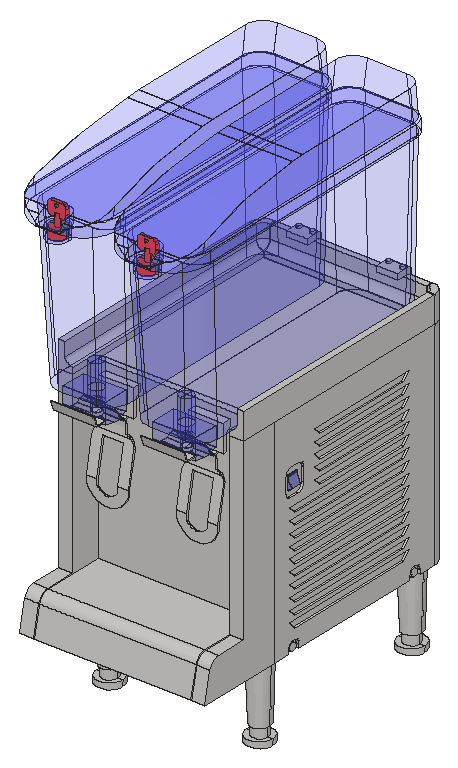
Revit family "QF_ELECTROLUXPROFESSIONAL_600925_ECS2E22", category Specialty Equipment, Revit 2018
Family settings
  Round Connector Dimension = Use Diameter
  Part Type = Normal
  Work Plane-Based = No
  Always vertical = Yes
  Cut with Voids When Loaded = No
  Shared = No
  Room Calculation Point = No
Parameters (values of type "Standard")
  Weight = 20.00 kg
  Watts = 0 W
  Volts = 230 V
  URL Manufacturer = "http://professional.electrolux.com"
  URL = "http://professional.electrolux.com"
  Steam Supply Size = 0 mm
  Steam Supply Minimum Pressure = 0.0 Pa
  Steam Supply Maximum Pressure = 0.0 Pa
  Steam Pounds per Hour = 0
  Refrigerant Compressor Remote = yes
  Manufacturer = "Electrolux Professional"
  Phase = 1
  Model = "ECS2E22"
  Length Actual = 267.0 mm  # constant formula
  Item Number = "600925"
  Hot Water Size = 0 mm
  Height Actual = 729.0 mm  # constant formula
  HP = "0.5 HP"
  Gas Size = 0 mm
  Gas KW = 0
  Gas Input Pressure = 0 W
  Direct Waste Size = 0 mm
  Description = "COLD BEV DISP. 2x9 LT, AGITATOR"
  Depth Actual = 451.0 mm  # constant formula
  Cycle = 60 Hz
  Condensate Return Size = 0 mm
  Compressed Air Volume = 0.0 L/s
  Compressed Air Size = 0 mm
  Compressed Air Pressure = 0.0 Pa
  Cold Water Size = 0 mm
  Accessory = yes
Reference planes
  plane 1 "Center (Front/Back)": y = 0
  plane 2 "BASE": z = 0
  plane 3 "Center (Left/Right)": x = 0
  plane 4 "FEET": z = 110
  plane 5 "BACK": y = 212
  plane 6 "LEFT": x = -133
  plane 7 "RIGHT": x = 133
  plane 8 "FeetBack": y = 182
  plane 9 "EI_Front": y = 43
  plane 10 "TopBase": z = 420
  plane 11 "TOP": z = 729
  plane 12 "FRONT": y = -256
  plane 13 "FeetFront": y = -91
  plane 14 "Fillet": y = 192
  plane 15 "EI_Left": x = 107.6
  plane 16 "BaseVasca": z = 420
  plane 17 "Key": y = -238.074
Forms (mm)
  Extrusion 1, solid, material "QF_Finishes_Rubber Black"
    sketch origin (0, -237.264, 237.417) x (-1, 0, 0) y (0, 0, 1)
      loop
        line (-134.813, 85.505) -> (-130.245, 83.471) -> (-130.245, 81.362) -> (-128, 81.362) -> (-128, 101.362) -> (-130.245, 101.362)
        arc (-130.245, 101.362) -> (-131.172, 93.043) -> (-134.813, 85.505) r 24.82
    from 185 to 170
  Extrusion 2, solid, material "QF_Clearances", detail levels coarse
    sketch origin (1888.173, -11.659, 0) x (1, 0, 0) y (0, 1, 0)
      loop
        line (-2021.173, -244.341) -> (-2021.173, 223.659) -> (-1755.173, 223.659) -> (-1755.173, -244.341) -> (-1628.173, -244.341) -> (-1628.173, 373.659) -> (-2148.173, 373.659) -> (-2148.173, -244.341) -> (-2021.173, -244.341)
    from 0 to 729
  Revolve 3, solid, material "QF_Finishes_Stainless Steel"
    sketch origin (0, -91, 0) x (0, 0, 1) y (1, 0, 0)
      loop
        line (0, 127) -> (0, 108) -> (110, 108) -> (110, 125.038) -> (23, 122) -> (23, 119) -> (8, 119) -> (8, 127) -> (0, 127)
      axis (0, 108) -> (110, 108)
    angle from 0 to 360
  Revolve 4, solid, material "QF_Finishes_Stainless Steel"
    sketch origin (0, -91, 0) x (0, 0, 1) y (1, 0, 0)
      loop
        line (0, -127) -> (8, -127) -> (8, -119) -> (23, -119) -> (23, -122) -> (110, -125.038) -> (110, -108) -> (0, -108) -> (0, -127)
      axis (0, -108) -> (110, -108)
    angle from 0 to 360
  Revolve 5, solid, material "QF_Finishes_Stainless Steel"
    sketch origin (0, 182, 0) x (-1, 0, 0) y (0, 0, 1)
      loop
        line (-127, 0) -> (-108, 0) -> (-108, 110) -> (-125.038, 110) -> (-122, 23) -> (-119, 23) -> (-119, 8) -> (-127, 8) -> (-127, 0)
      axis (-108, 0) -> (-108, 110)
    angle from 0 to 360
  Revolve 6, solid, material "QF_Finishes_Stainless Steel"
    sketch origin (0, 182, 0) x (-1, 0, 0) y (0, 0, 1)
      loop
        line (127, 0) -> (127, 8) -> (119, 8) -> (119, 23) -> (122, 23) -> (125.038, 110) -> (108, 110) -> (108, 0) -> (127, 0)
      axis (108, 0) -> (108, 110)
    angle from 0 to 360
  Extrusion 7, solid, material "QF_Finishes_Stainless Steel"
    sketch origin (133, 0, 0) x (0, -1, 0) y (0, 0, 1)
      loop
        line (96.764, 110) -> (221, 110) -> (211.598, 151.16)
        arc (211.598, 151.16) -> (205.975, 160.107) -> (196, 163.597) r 16
        line (196, 163.597) -> (151, 163.597) -> (151, 420) -> (96.764, 420) -> (96.764, 110)
    from 20 to 0
  Extrusion 8, solid, material "QF_Finishes_Stainless Steel"
    sketch origin (0, 0, 0) x (0, 1, 0) y (0, 0, 1)
      loop
        line (-96.764, 110) -> (-96.764, 420) -> (-106, 420) -> (-106, 163.597) -> (-196, 163.597)
        arc (-196, 163.597) -> (-205.975, 160.107) -> (-211.598, 151.16) r 16
        line (-211.598, 151.16) -> (-221, 110) -> (-96.764, 110)
    from -113 to 113
  Extrusion 9, solid, material "QF_Finishes_Stainless Steel"
    sketch origin (133, -1000, 0) x (0, -1, 0) y (0, 0, 1)
      loop
        line (-903.236, 110) -> (-903.236, 420) -> (-1192, 420) -> (-1192, 110) -> (-1166, 110) -> (-1166, 115.694)
        arc (-1166, 115.694) -> (-1156, 125.694) -> (-1146, 115.694) r 10
        line (-1146, 115.694) -> (-1146, 110) -> (-948, 110) -> (-948, 115.694)
        arc (-948, 115.694) -> (-938, 125.694) -> (-928, 115.694) r 10
        line (-928, 115.694) -> (-928, 110) -> (-903.236, 110)
      loop
        arc (-923.159, 339.837) -> (-926.088, 346.908) -> (-933.159, 349.837) r 10
        line (-933.159, 349.837) -> (-947.159, 349.837)
        arc (-947.159, 349.837) -> (-954.23, 346.908) -> (-957.159, 339.837) r 10
        line (-957.159, 339.837) -> (-957.159, 319.837)
        arc (-957.159, 319.837) -> (-954.23, 312.766) -> (-947.159, 309.837) r 10
        line (-947.159, 309.837) -> (-933.159, 309.837)
        arc (-933.159, 309.837) -> (-926.088, 312.766) -> (-923.159, 319.837) r 10
        line (-923.159, 319.837) -> (-923.159, 339.837)
      loop
        line (-974.071, 381.364) -> (-1149.071, 381.364) -> (-1137.071, 369.364) -> (-986.071, 369.364) -> (-974.071, 381.364)
      loop
        line (-974.071, 364.864) -> (-1149.071, 364.864) -> (-1137.071, 352.864) -> (-986.071, 352.864) -> (-974.071, 364.864)
      loop
        line (-974.071, 348.364) -> (-1149.071, 348.364) -> (-1137.071, 336.364) -> (-986.071, 336.364) -> (-974.071, 348.364)
      loop
        line (-974.071, 331.864) -> (-1149.071, 331.864) -> (-1137.071, 319.864) -> (-986.071, 319.864) -> (-974.071, 331.864)
      loop
        line (-974.071, 315.364) -> (-1149.071, 315.364) -> (-1137.071, 303.364) -> (-986.071, 303.364) -> (-974.071, 315.364)
      loop
        line (-929.071, 298.864) -> (-1149.071, 298.864) -> (-1137.071, 286.864) -> (-941.071, 286.864) -> (-929.071, 298.864)
      loop
        line (-929.071, 282.364) -> (-1149.071, 282.364) -> (-1137.071, 270.364) -> (-941.071, 270.364) -> (-929.071, 282.364)
      loop
        line (-929.071, 265.864) -> (-1149.071, 265.864) -> (-1137.071, 253.864) -> (-941.071, 253.864) -> (-929.071, 265.864)
      loop
        line (-929.071, 249.364) -> (-1149.071, 249.364) -> (-1137.071, 237.364) -> (-941.071, 237.364) -> (-929.071, 249.364)
      loop
        line (-929.071, 232.864) -> (-1149.071, 232.864) -> (-1137.071, 220.864) -> (-941.071, 220.864) -> (-929.071, 232.864)
      loop
        line (-929.071, 216.364) -> (-1149.071, 216.364) -> (-1137.071, 204.364) -> (-941.071, 204.364) -> (-929.071, 216.364)
      loop
        line (-929.071, 199.864) -> (-1149.071, 199.864) -> (-1137.071, 187.864) -> (-941.071, 187.864) -> (-929.071, 199.864)
      loop
        line (-929.071, 183.364) -> (-1149.071, 183.364) -> (-1137.071, 171.364) -> (-941.071, 171.364) -> (-929.071, 183.364)
      loop
        line (-929.071, 166.864) -> (-1149.071, 166.864) -> (-1137.071, 154.864) -> (-941.071, 154.864) -> (-929.071, 166.864)
      loop
        line (-929.071, 150.364) -> (-1149.071, 150.364) -> (-1137.071, 138.364) -> (-941.071, 138.364) -> (-929.071, 150.364)
    from 5 to 0
  Extrusion 10, solid, material "QF_Finishes_Stainless Steel"
    sketch origin (-133, 0, 0) x (0, 1, 0) y (0, 0, 1)
      loop
        line (-96.764, 110) -> (-96.764, 420) -> (-151, 420) -> (-151, 163.597) -> (-196, 163.597)
        arc (-196, 163.597) -> (-205.975, 160.107) -> (-211.598, 151.16) r 16
        line (-211.598, 151.16) -> (-221, 110) -> (-96.764, 110)
    from 20 to 0
  Extrusion 11, solid, material "QF_Finishes_Stainless Steel"
    sketch origin (-133, 0, 0) x (0, 1, 0) y (0, 0, 1)
      loop
        line (-96.764, 110) -> (-72, 110) -> (-72, 115.694)
        arc (-72, 115.694) -> (-62, 125.694) -> (-52, 115.694) r 10
        line (-52, 115.694) -> (-52, 110) -> (146, 110) -> (146, 115.694)
        arc (146, 115.694) -> (156, 125.694) -> (166, 115.694) r 10
        line (166, 115.694) -> (166, 110) -> (192, 110) -> (192, 420) -> (-96.764, 420) -> (-96.764, 110)
      loop
        line (-70.929, 381.364) -> (-58.929, 369.364) -> (137.071, 369.364) -> (149.071, 381.364) -> (-70.929, 381.364)
      loop
        line (-70.929, 364.864) -> (-58.929, 352.864) -> (137.071, 352.864) -> (149.071, 364.864) -> (-70.929, 364.864)
      loop
        line (-70.929, 348.364) -> (-58.929, 336.364) -> (137.071, 336.364) -> (149.071, 348.364) -> (-70.929, 348.364)
      loop
        line (-70.929, 331.864) -> (-58.929, 319.864) -> (137.071, 319.864) -> (149.071, 331.864) -> (-70.929, 331.864)
      loop
        line (-70.929, 315.364) -> (-58.929, 303.364) -> (137.071, 303.364) -> (149.071, 315.364) -> (-70.929, 315.364)
      loop
        line (-70.929, 298.864) -> (-58.929, 286.864) -> (137.071, 286.864) -> (149.071, 298.864) -> (-70.929, 298.864)
      loop
        line (-70.929, 282.364) -> (-58.929, 270.364) -> (137.071, 270.364) -> (149.071, 282.364) -> (-70.929, 282.364)
      loop
        line (-70.929, 265.864) -> (-58.929, 253.864) -> (137.071, 253.864) -> (149.071, 265.864) -> (-70.929, 265.864)
      loop
        line (-70.929, 249.364) -> (-58.929, 237.364) -> (137.071, 237.364) -> (149.071, 249.364) -> (-70.929, 249.364)
      loop
        line (-70.929, 232.864) -> (-58.929, 220.864) -> (137.071, 220.864) -> (149.071, 232.864) -> (-70.929, 232.864)
      loop
        line (-70.929, 216.364) -> (-58.929, 204.364) -> (137.071, 204.364) -> (149.071, 216.364) -> (-70.929, 216.364)
      loop
        line (-70.929, 199.864) -> (-58.929, 187.864) -> (137.071, 187.864) -> (149.071, 199.864) -> (-70.929, 199.864)
      loop
        line (-70.929, 183.364) -> (-58.929, 171.364) -> (137.071, 171.364) -> (149.071, 183.364) -> (-70.929, 183.364)
      loop
        line (-70.929, 166.864) -> (-58.929, 154.864) -> (137.071, 154.864) -> (149.071, 166.864) -> (-70.929, 166.864)
      loop
        line (-70.929, 150.364) -> (-58.929, 138.364) -> (137.071, 138.364) -> (149.071, 150.364) -> (-70.929, 150.364)
    from 5 to 0
  Extrusion 12, solid, material "QF_Finishes_Stainless Steel"
    sketch origin (0, 0, 0) x (0, 1, 0) y (0, 0, 1)
      loop
        line (-96.764, 110) -> (192, 110) -> (192, 420) -> (-96.764, 420) -> (-96.764, 110)
    from 128 to -128
  Extrusion 13, solid, material "QF_Finishes_Stainless Steel"
    sketch origin (0, 0, 0) x (0, 1, 0) y (0, 0, 1)
      loop
        line (212, 110) -> (212, 420) -> (192, 420) -> (192, 110) -> (212, 110)
    from 113 to -113
  Extrusion 14, solid, material "QF_Finishes_Stainless Steel"
    sketch origin (0, -256, 0) x (-1, 0, 0) y (0, 0, 1)
      loop
        line (-133, 420) -> (-113, 420) -> (-113, 428.026)
        arc (-113, 428.026) -> (-120.802, 431.235) -> (-124.037, 439.026) r 11
        line (-124.037, 439.026) -> (-124.037, 458.026) -> (-133, 458.026) -> (-133, 420)
      loop
        line (133, 420) -> (133, 458.026) -> (124.037, 458.026) -> (124.037, 439.026)
        arc (124.037, 439.026) -> (120.802, 431.235) -> (113, 428.026) r 11
        line (113, 428.026) -> (113, 420) -> (133, 420)
    from 448 to 105
  Extrusion 15, solid, material "QF_Finishes_Stainless Steel"
    sketch origin (0, 0, 0) x (0, 1, 0) y (0, 0, 1)
      loop
        line (212, 420) -> (212, 458.026) -> (203.037, 458.026) -> (203.037, 439.026)
        arc (203.037, 439.026) -> (199.802, 431.235) -> (192, 428.026) r 11
        line (192, 428.026) -> (192, 420) -> (212, 420)
    from 113 to -113
  Revolve 16, solid, material "QF_Finishes_Stainless Steel"
    sketch origin (0, 192, 0) x (-1, 0, 0) y (0, 0, 1)
      loop
        line (-113, 420) -> (-113, 428.026)
        arc (-113, 428.026) -> (-120.802, 431.235) -> (-124.037, 439.026) r 11
        line (-124.037, 439.026) -> (-124.037, 458.026) -> (-133, 458.026) -> (-133, 420) -> (-113, 420)
      axis (-113, 420) -> (-113, 458.026)
    angle from 0 to -90
  Revolve 17, solid, material "QF_Finishes_Stainless Steel"
    sketch origin (0, 192, 0) x (1, 0, 0) y (0, 0, 1)
      loop
        line (-113, 420) -> (-113, 428.026)
        arc (-113, 428.026) -> (-120.802, 431.235) -> (-124.037, 439.026) r 11
        line (-124.037, 439.026) -> (-124.037, 458.026) -> (-133, 458.026) -> (-133, 420) -> (-113, 420)
      axis (-113, 420) -> (-113, 458.026)
    angle from 0 to -90
  Extrusion 18, solid, material "QF_Finishes_Stainless Steel"
    sketch origin (0, 0, 110) x (-1, 0, 0) y (0, -1, 0)
      loop
        line (113, -192) -> (113, -212)
        arc (113, -212) -> (127.142, -206.142) -> (133, -192) r 20
        line (133, -192) -> (113, -192)
      loop
        arc (-133, -192) -> (-127.142, -206.142) -> (-113, -212) r 20
        line (-113, -212) -> (-113, -192) -> (-133, -192)
    from 0 to 310
  Extrusion 19, solid, material "QF_Finishes_Stainless Steel"
    sketch origin (133, 0, 0) x (0, -1, 0) y (0, 0, 1)
      loop
        circle (62, 115.694) r 5
      loop
        circle (-156, 115.694) r 5
    from 1 to 5
  Extrusion 20, solid, material "QF_Finishes_Stainless Steel"
    sketch origin (-133, 0, 0) x (0, 1, 0) y (0, 0, 1)
      loop
        circle (-62, 115.694) r 5
      loop
        circle (156, 115.694) r 5
    from 1 to 5
  Extrusion 21, solid, material "QF_Finishes_Stainless Steel"
    sketch origin (-0.4, 43, 110) x (-1, 0, 0) y (0, -1, 0)
      loop
        circle (-108, 0) r 10
    from 0 to -10
Lines and regions (mm)
  symbolic lines
    curve 1: arc (-113, 212, 420) -> (-127.142, 206.142, 420) -> (-133, 192, 420) r 20
    curve 2: line (113, 212, 420) -> (79.629, 212, 420)
    curve 3: arc (113, 212, 420) -> (127.142, 206.142, 420) -> (133, 192, 420) r 20
    curve 4: line (-133, 192, 420) -> (-133, -221, 420)
    curve 5: line (133, -221, 420) -> (133, 192, 420)
    curve 6: line (113, 203.037, 420) -> (79.631, 203.037, 420)
    curve 7: arc (-113, 203.037, 420) -> (-120.805, 199.805, 420) -> (-124.037, 192, 420) r 11.037
    curve 8: arc (113, 203.037, 420) -> (120.805, 199.805, 420) -> (124.037, 192, 420) r 11.037
    curve 9: line (-124.037, 192, 420) -> (-124.037, 177, 420)
    curve 10: line (124.037, 177.63, 420) -> (124.037, 192, 420)
    curve 11: line (-125.89, -151, 420) -> (-133, -151, 420)
    curve 12: line (-133, -221, 420) -> (-122.465, -221, 420)
    curve 13: line (-6.579, -221, 420) -> (10.535, -221, 420)
    curve 14: line (133, -221, 420) -> (122.574, -221, 420)
    curve 15: line (133, -151, 420) -> (126, -151, 420)
    curve 16: line (-79.631, 203.037, 420) -> (-113, 203.037, 420)
    curve 17: line (49.631, 203.037, 420) -> (-49.631, 203.037, 420)
    curve 18: line (49.631, 212, 420) -> (-49.631, 212, 420)
    curve 19: line (-79.642, 212, 420) -> (-113, 212, 420)
Dimensions and locks
  plane 4 "FEET" to level = 110.0 mm
  plane 6 "LEFT" to plane 3 "Center (Left/Right)" to plane 7 "RIGHT" = 133.0 mm, 133.0 mm
  plane 5 "BACK" to plane 1 "Center (Front/Back)" = 212.0 mm
  plane 6 "LEFT" to plane 7 "RIGHT" = 266.0 mm
  plane 5 "BACK" to plane 8 "FeetBack" = 30.0 mm
  plane 7 "RIGHT" to plane 6 "LEFT" = 266.0 mm
  plane 5 "BACK" to plane 12 "FRONT" = 468.0 mm
  plane 11 "TOP" to level = 729.0 mm
  plane 9 "EI_Front" to plane 5 "BACK" = 169.0 mm
  plane 10 "TopBase" to level = 420.0 mm
  plane 15 "EI_Left" to plane 7 "RIGHT" = 25.4 mm
  plane 5 "BACK" to plane 9 "EI_Front" = 169.0 mm
  aligned and locked: level to plane 2 "BASE"
Nested families
  nested 1: "CS2-V1" at (-64.631, 0.03, 0), type "CS2-V1"
  nested 2: "CS2-V1" at (64.631, 0.03, 0), type "CS2-V1"
Connectors
  electrical at (107.6, 43, 100), driven by "Volts"
    settings: on Extrusion 21, index 1, voltage 230 V, apparent load 0 VA, apparent load phase1 0 VA, apparent load phase2 0 VA, apparent load phase3 0 VA, power factor 1, load classification "Other", number of poles 1, system type 30, power factor state 1, is connector primary yes, connector utility no, sub classification motor no, connector description "Electrical Connection"
Definition of nested family "CS2-V1"
  Parameters (values of type "CS2-V1")
    Weight = 48.00 kg
    Watts = 71.5353 W
    Volts = 230 V
    URL Manufacturer = "http://professional.electrolux.com"
    URL = "http://professional.electrolux.com"
    Steam Supply Size = 0 mm
    Steam Supply Minimum Pressure = 0.0 Pa
    Steam Supply Maximum Pressure = 0.0 Pa
    Steam Pounds per Hour = 0
    Refrigeration Suction Line Size = 0 mm
    Refrigeration Liquid Line Size = 0 mm
    Refrigerant Compressor Remote = yes
    Manufacturer = "Electrolux"
    Phase = 1
    Model = "SP2ITNK"
    Length Actual = 447.0 mm  # constant formula
    Item Number = "560013"
    Hot Water Size = 0 mm
    Height Actual = 612.0 mm  # constant formula
    HP = "1 HP"
    Gas Size = 0 mm
    Gas KW = 0
    Gas Input Pressure = 0 W
    Description = "2X5 LT BOWL - FROZEN GRANITA AND FROZEN CREAM DISPENSER - 2 INSULATED BOWLS - WHITE"
    Depth Actual = 438.0 mm  # constant formula
    Cycle = 50 Hz
    Condensate Return Size = 0 mm
    Compressed Air Volume = 0.0 L/s
    Compressed Air Size = 0 mm
    Compressed Air Pressure = 0.0 Pa
    Cold Water Size = 0 mm
    Accessory = yes
  Reference planes
    plane 1 "Center (Front/Back)": y = 0
    plane 2 "BASE": z = 0
    plane 3 "Center (Left/Right)": x = 0
    plane 4 "FEET": z = 110
    plane 5 "BACK": y = 212
    plane 6 "LEFT": x = -66.5
    plane 7 "RIGHT": x = 66.5
    plane 8 "TopBase": z = 420
    plane 9 "TOP": z = 729
    plane 10 "FRONT": y = -256
    plane 11 "Fillet": y = 192
    plane 12 "BaseVasca": z = 420
    plane 13 "Key": y = -238.074
    plane 14: y = -168.455
  Forms (mm)
    Blend 1, solid
      base sketch origin (64.522, 0, 420) x (0, -1, 0) y (1, 0, 0)
        loop
          arc (178, -116.522) -> (195.678, -109.199) -> (203, -91.522) r 25
          line (203, -91.522) -> (203, -37.522)
          arc (203, -37.522) -> (195.678, -19.844) -> (178, -12.522) r 25
          line (178, -12.522) -> (-167, -12.522)
          arc (-167, -12.522) -> (-184.678, -19.844) -> (-192, -37.522) r 25
          line (-192, -37.522) -> (-192, -91.522)
          arc (-192, -91.522) -> (-184.678, -109.199) -> (-167, -116.522) r 25
          line (-167, -116.522) -> (178, -116.522)
      top sketch origin (64.522, 0, 420) x (0, -1, 0) y (1, 0, 0)
        loop
          arc (-192, -98.022) -> (-184.678, -115.699) -> (-167, -123.022) r 25
          line (-167, -123.022) -> (193, -123.022)
          arc (193, -123.022) -> (210.678, -115.699) -> (218, -98.022) r 25
          line (218, -98.022) -> (218, -31.022)
          arc (218, -31.022) -> (210.678, -13.344) -> (193, -6.022) r 25
          line (193, -6.022) -> (-167, -6.022)
          arc (-167, -6.022) -> (-184.678, -13.344) -> (-192, -31.022) r 25
          line (-192, -31.022) -> (-192, -98.022)
      from 8 to 247
    Blend 2, solid
      base sketch origin (133, 0, 420) x (0, -1, 0) y (1, 0, 0)
        loop
          arc (-192, -166.706) -> (-184.678, -184.383) -> (-167, -191.706) r 25
          line (-167, -191.706) -> (210.038, -191.706)
          arc (210.038, -191.706) -> (240.444, -179.111) -> (253.038, -148.706) r 43
          line (253.038, -148.706) -> (253.038, -117.706)
          arc (253.038, -117.706) -> (240.444, -87.3) -> (210.038, -74.706) r 43
          line (210.038, -74.706) -> (-167, -74.706)
          arc (-167, -74.706) -> (-184.678, -82.028) -> (-192, -99.706) r 25
          line (-192, -99.706) -> (-192, -166.706)
      top sketch origin (133, 0, 420) x (0, -1, 0) y (1, 0, 0)
        loop
          arc (-192, -161.5) -> (-184.678, -179.178) -> (-167, -186.5) r 25
          line (-167, -186.5) -> (200.138, -186.5)
          arc (200.138, -186.5) -> (235.494, -171.855) -> (250.138, -136.5) r 50
          line (250.138, -136.5) -> (250.138, -129.5)
          arc (250.138, -129.5) -> (235.494, -94.145) -> (200.138, -79.5) r 50
          line (200.138, -79.5) -> (-167, -79.5)
          arc (-167, -79.5) -> (-184.678, -86.822) -> (-192, -104.5) r 25
          line (-192, -104.5) -> (-192, -161.5)
      from 265.34 to 309
    Extrusion 3, solid
      sketch origin (64.522, 0, 420) x (0, -1, 0) y (1, 0, 0)
        loop
          line (256, -82.29) -> (256, -46.753)
          arc (256, -46.753) -> (236.607, -15.408) -> (201.845, -3.153) r 55.433
          line (201.845, -3.153) -> (-168.323, -3.153)
          arc (-168.323, -3.153) -> (-187.191, -11.767) -> (-194.9, -31.022) r 27.9
          line (-194.9, -31.022) -> (-194.9, -98.022)
          arc (-194.9, -98.022) -> (-187.191, -117.277) -> (-168.323, -125.89) r 27.9
          line (-168.323, -125.89) -> (201.845, -125.89)
          arc (201.845, -125.89) -> (236.607, -113.636) -> (256, -82.29) r 55.433
      from 265.34 to 247
    Extrusion 4, void
      sketch origin (108, 0, 0) x (0, 1, 0) y (0, 0, 1)
        loop
          line (-26.39, 729) -> (-26.39, 734) -> (-256, 734) -> (-256, 669.303) -> (-254.726, 672.803)
          arc (-254.726, 672.803) -> (-252.106, 677.514) -> (-248.147, 681.172) r 17.063
          arc (-248.147, 681.172) -> (-148.754, 713.466) -> (-45.263, 728.011) r 599.546
          line (-45.263, 728.011) -> (-26.39, 729)
      from -174.5 to -41.5
    Extrusion 5, void
      sketch origin (0, 0, 0) x (0, 1, 0) y (0, 0, 1)
        loop
          arc (-249.651, 680.531) -> (-239.286, 684.849) -> (-228.842, 688.973) r 599.546
          line (-228.842, 688.973) -> (-262.493, 688.973) -> (-262.493, 670.038) -> (-256, 670.038)
          arc (-256, 670.038) -> (-254.289, 676.17) -> (-249.651, 680.531) r 11.845
      from -66.5 to 66.5
    Extrusion 6, void
      sketch origin (0, 0, 420) x (0, -1, 0) y (1, 0, 0)
        loop
          line (238.074, -17.633) -> (256, -17.633) -> (256, 17.633) -> (238.074, 17.633)
          arc (238.074, 17.633) -> (220.441, 0) -> (238.074, -17.633) r 17.633
      from 249.303 to 265.34
    Extrusion 7, void
      sketch origin (64.522, 0, 420) x (0, -1, 0) y (1, 0, 0)
        loop
          circle (238.074, -64.522) r 12
      from 233.373 to 247
    Extrusion 8, solid
      sketch origin (64.522, 0, 420) x (0, -1, 0) y (1, 0, 0)
        loop
          circle (238.074, -64.522) r 15.757
      from 230.564 to 247
    Revolve 9, solid
      sketch origin (64.522, -238.074, 0) x (-1, 0, 0) y (0, 0, 1)
        loop
          line (64.522, 683.398) -> (61.099, 683.398) -> (61.099, 667) -> (52.522, 667) -> (52.522, 653.373) -> (64.522, 653.373) -> (64.522, 683.398)
        axis (64.522, 653.373) -> (64.522, 683.398)
      angle from 0 to 360
    Extrusion 10, solid
      sketch origin (64.522, -238.074, 0) x (-1, 0, 0) y (0, 0, 1)
        loop
          line (62.099, 683.398) -> (66.944, 683.398) -> (66.944, 678.398) -> (71.849, 678.398)
          arc (71.849, 678.398) -> (76.091, 680.156) -> (77.849, 684.398) r 6
          line (77.849, 684.398) -> (77.849, 692.398)
          arc (77.849, 692.398) -> (76.091, 696.641) -> (71.849, 698.398) r 6
          line (71.849, 698.398) -> (57.195, 698.398)
          arc (57.195, 698.398) -> (52.952, 696.641) -> (51.195, 692.398) r 6
          line (51.195, 692.398) -> (51.195, 684.398)
          arc (51.195, 684.398) -> (52.952, 680.156) -> (57.195, 678.398) r 6
          line (57.195, 678.398) -> (62.099, 678.398) -> (62.099, 683.398)
        loop
          circle (64.522, 693.106) r 3
      from -2 to 2
    Extrusion 11, solid
      sketch origin (0, 0, 0) x (0, 1, 0) y (0, 0, 1)
        loop
          line (-190.5, 428) -> (-190.5, 398) -> (-174.107, 395.109) -> (-164.107, 395.109) -> (-159.607, 399.609) -> (-153.116, 399.609) -> (-153.116, 428) -> (-190.5, 428)
      from -31.045 to 31
    Revolve 12, void
      sketch origin (0, 0, 0) x (0, 1, 0) y (0, 0, 1)
        loop
          line (-168.455, 463.265) -> (-178.327, 463.265) -> (-178.327, 410.984) -> (-175.351, 410.984) -> (-175.351, 398) -> (-174.149, 398) -> (-174.149, 388) -> (-168.455, 388) -> (-168.455, 463.265)
        axis (-168.455, 388) -> (-168.455, 463.265)
      angle from 0 to 360
    Revolve 13, solid
      sketch origin (0, 0, 0) x (0, 1, 0) y (0, 0, 1)
        loop
          line (-168.455, 385.109) -> (-163.455, 385.109) -> (-163.455, 395.109) -> (-161.56, 395.109) -> (-161.56, 398) -> (-168.455, 398) -> (-168.455, 385.109)
        axis (-168.455, 398) -> (-168.455, 385.109)
      angle from 0 to 360
    Extrusion 14, solid
      sketch origin (0, 0, 0) x (0, 1, 0) y (0, 0, 1)
        loop
          line (-211.42, 417.932) -> (-207.338, 404.58) -> (-190.5, 404.58) -> (-190.5, 405.58) -> (-206.598, 405.58) -> (-210.464, 418.224) -> (-211.42, 417.932)
      from -31.045 to 31
    Extrusion 15, solid
      sketch origin (0, 0, 0) x (0, 1, 0) y (0, 0, 1)
        loop
          line (-149.25, 259.609) -> (-148.25, 259.609) -> (-148.25, 296.088) -> (-136.39, 354.802)
          arc (-136.39, 354.802) -> (-135.207, 366.291) -> (-136.255, 377.793) r 59.784
          line (-136.255, 377.793) -> (-131.876, 379.387) -> (-129.145, 379.387) -> (-129.145, 380.887) -> (-132.141, 380.887) -> (-136.557, 379.279) -> (-139.722, 379.279) -> (-156.78, 399.609) -> (-158.086, 399.609) -> (-140.188, 378.279) -> (-137.37, 378.279)
          arc (-137.37, 378.279) -> (-136.206, 366.64) -> (-137.37, 355) r 58.784
          line (-137.37, 355) -> (-149.25, 296.188) -> (-149.25, 259.609)
      from -30 to 30
    Extrusion 16, void
      sketch origin (0, -238.074, 0) x (-1, 0, 0) y (0, 0, 1)
        loop
          line (15, 348.279) -> (-15, 348.279) -> (-15, 288.279)
          arc (-15, 288.279) -> (0, 279.279) -> (15, 288.279) r 17
          line (15, 288.279) -> (15, 348.279)
        loop
          arc (30, 288.469) -> (0, 265.279) -> (-30, 288.469) r 31
          line (-30, 288.469) -> (-30, 344.632)
          arc (-30, 344.632) -> (-26.112, 354.705) -> (-16.464, 359.553) r 14.993
          line (-16.464, 359.553) -> (-16.464, 399.609) -> (-36.464, 399.609) -> (-36.464, 259.609) -> (36.464, 259.609) -> (36.464, 399.609) -> (16.464, 399.609) -> (16.464, 359.553)
          arc (16.464, 359.553) -> (26.112, 354.705) -> (30, 344.632) r 14.993
          line (30, 344.632) -> (30, 288.469)
      from 79.263 to 108.929
    Extrusion 17, solid
      sketch origin (0, 0, 0) x (0, 1, 0) y (0, 0, 1)
        loop
          line (-133.507, 380.887) -> (-129.145, 380.887) -> (-129.145, 406.439) -> (-121.488, 410.009) -> (-121.488, 420.078) -> (-133.507, 420.078) -> (-133.507, 380.887)
      from -25 to 24.963
    Extrusion 18, solid
      sketch origin (0, 0, 0) x (0, 1, 0) y (0, 0, 1)
        loop
          line (192, 458) -> (212, 458) -> (212, 447.335) -> (215, 447.335) -> (215, 462.335)
          arc (215, 462.335) -> (213.865, 465.076) -> (211.123, 466.212) r 3.877
          line (211.123, 466.212) -> (192, 466.212) -> (192, 458)
      from 15 to -15
    Extrusion 19, solid
      sketch origin (0, 0, 420) x (0, -1, 0) y (1, 0, 0)
        loop
          circle (-207, -10) r 3
        loop
          circle (-207, 10) r 3
      from 46.212 to 48.2
  Cuts and joins
    Extrusion 4, Extrusion 6 cuts Blend 2
    Extrusion 5, Extrusion 6, Extrusion 7 cuts Extrusion 3
    Extrusion 7, Revolve 12 cuts Blend 1
    Extrusion 7 cuts Extrusion 8
    Revolve 12, Extrusion 16 cuts Extrusion 11
    Extrusion 16 cuts Extrusion 15
  Lines and regions (mm)
    symbolic lines
      curve 1: arc (-28.5, 192, 420) -> (-46.178, 184.678, 420) -> (-53.5, 167, 420) r 25
      curve 2: arc (-58.706, 167, 420) -> (-51.383, 184.678, 420) -> (-33.706, 192, 420) r 25
      curve 3: arc (-33.5, 194.9, 420) -> (-52.755, 187.191, 420) -> (-61.369, 168.323, 420) r 27.9
      curve 4: line (-33.5, 194.9, 420) -> (33.5, 194.9, 420)
      curve 5: arc (61.369, 168.323, 420) -> (52.755, 187.191, 420) -> (33.5, 194.9, 420) r 27.9
      curve 6: arc (33.294, 192, 420) -> (50.972, 184.678, 420) -> (58.294, 167, 420) r 25
      curve 7: arc (53.5, 167, 420) -> (46.178, 184.678, 420) -> (28.5, 192, 420) r 25
      curve 8: line (33.294, 192, 420) -> (-33.706, 192, 420)
      curve 9: line (-61.369, -201.845, 420) -> (-61.369, 168.323, 420)
      curve 10: line (-58.706, -210.038, 420) -> (-58.706, 167, 420)
      curve 11: line (-53.5, 167, 420) -> (-53.5, -26.39, 420)
      curve 12: line (53.5, -26.39, 420) -> (53.5, 167, 420)
      curve 13: line (58.294, 167, 420) -> (58.294, -210.038, 420)
      curve 14: line (61.369, 168.323, 420) -> (61.369, -201.845, 420)
      curve 15: line (-53.5, -26.39, 420) -> (53.5, -26.39, 420)
      curve 16: arc (-61.369, -201.845, 420) -> (-49.07, -236.662, 420) -> (-17.633, -256.03, 420) r 55.433
      curve 17: arc (-48.4, -237.968, 420) -> (-56.047, -224.923, 420) -> (-58.706, -210.038, 420) r 43
      curve 18: spline (-57.335, -207.457, 420) -> (-57.408, -210.163, 420) -> (-57.328, -212.865, 420) -> (-57.096, -215.554, 420) -> (-56.712, -218.224, 420) -> (-56.178, -220.866, 420) -> (-55.494, -223.473, 420) -> (-54.663, -226.037, 420) -> (-53.688, -228.551, 420) -> (-52.57, -231.008, 420) -> (-51.314, -233.401, 420) -> (-49.923, -235.723, 420) -> (-48.4, -237.968, 420)
      curve 19: arc (17.633, -256.03, 420) -> (49.07, -236.662, 420) -> (61.369, -201.845, 420) r 55.433
      curve 20: arc (58.294, -210.038, 420) -> (55.636, -224.923, 420) -> (47.989, -237.968, 420) r 43
      curve 21: spline (47.989, -237.968, 420) -> (49.521, -235.721, 420) -> (50.921, -233.396, 420) -> (52.187, -231.001, 420) -> (53.314, -228.543, 420) -> (54.298, -226.028, 420) -> (55.138, -223.463, 420) -> (55.831, -220.857, 420) -> (56.374, -218.216, 420) -> (56.767, -215.547, 420) -> (57.008, -212.86, 420) -> (57.096, -210.16, 420) -> (57.032, -207.457, 420)
      curve 22: line (58.294, 167, 420) -> (58.294, -210.038, 420)
      curve 23: line (-17.633, -256.03, 420) -> (-17.633, -238.074, 420)
      curve 24: line (13.327, -240.074, 420) -> (-13.327, -240.074, 420)
      curve 25: line (-13.327, -236.074, 420) -> (13.327, -236.074, 420)
      curve 26: line (17.633, -238.074, 420) -> (17.633, -256.03, 420)
      curve 27: line (17.769, -256, 420) -> (-17.769, -256, 420)
      curve 28: arc (2.777, -240.074, 420) -> (0, -241.496, 420) -> (-2.777, -240.074, 420) r 3.422
      curve 29: line (-53.5, -26.39, 420) -> (-57.335, -207.457, 420)
      curve 30: line (53.5, -26.39, 420) -> (57.032, -207.457, 420)
      curve 31: arc (17.633, -238.074, 420) -> (0, -220.441, 420) -> (-17.633, -238.074, 420) r 17.633
      curve 32: line (13.327, -240.074, 420) -> (13.327, -236.074, 420)
      curve 33: line (-13.327, -240.074, 420) -> (-13.327, -236.074, 420)
      curve 34: arc (-11.832, -236.074, 420) -> (0, -226.074, 420) -> (11.832, -236.074, 420) r 12
      curve 35: arc (11.832, -240.074, 420) -> (0, -250.074, 420) -> (-11.832, -240.074, 420) r 12
      curve 36: circle (0, -238.074, 420) r 15.757 normal (0, 0, -1)
      curve 37: arc (-2.777, -236.074, 420) -> (0, -234.652, 420) -> (2.777, -236.074, 420) r 3.422
      curve 38: line (-15, 194.9, 420) -> (-15, 215, 420)
      curve 39: line (-15, 215, 420) -> (15, 215, 420)
      curve 40: line (15, 215, 420) -> (15, 194.9, 420)
      curve 41: circle (-10, 207, 420) r 3 normal (0, 0, -1)
      curve 42: circle (10, 207, 420) r 3 normal (0, 0, 1)
  Dimensions and locks
    plane 4 "FEET" to level = 110.0 mm
    equal spacing: plane 6 "LEFT", plane 3 "Center (Left/Right)", plane 7 "RIGHT"
    plane 5 "BACK" to plane 1 "Center (Front/Back)" = 212.0 mm
    plane 6 "LEFT" to plane 7 "RIGHT" = 133.0 mm
    plane 7 "RIGHT" to plane 6 "LEFT" = 133.0 mm
    plane 5 "BACK" to plane 10 "FRONT" = 468.0 mm
    plane 9 "TOP" to level = 729.0 mm
    plane 8 "TopBase" to level = 420.0 mm
    radius of Extrusion 7 sketch curve = 12.0 mm
    aligned and locked: level to plane 2 "BASE"
  Automatic sketch dimensions
    Blend 1 sketch curve to plane 11 "Fillet" = 0.0 mm  (x2)
    Blend 1 sketch curve to Blend 1 sketch curve = 25.0 mm  (x3)
    plane 14 to Blend 1 sketch curve = 9.545 mm  (x2)
    plane 6 "LEFT" to Blend 1 sketch curve = 14.5 mm
    plane 3 "Center (Left/Right)" to Blend 1 sketch curve = 27.0 mm
    plane 7 "RIGHT" to Blend 1 sketch curve = 8.0 mm
    Blend 1 sketch curve to plane 11 "Fillet" = 25.0 mm  (x2)
    plane 6 "LEFT" to Blend 1 sketch curve = 8.0 mm
    plane 14 to Blend 1 sketch curve = 24.545 mm  (x2)
    plane 13 "Key" to Blend 1 sketch curve = 20.074 mm
    Extrusion 3 sketch curve to plane 10 "FRONT" = 0.0 mm
    Extrusion 3 sketch curve to plane 3 "Center (Left/Right)" = 5.936 mm
    plane 14 to Extrusion 3 sketch curve = 33.389 mm
    plane 3 "Center (Left/Right)" to Extrusion 3 sketch curve = 5.936 mm
    Extrusion 3 sketch curve to Extrusion 3 sketch curve = 0.0 mm
    Extrusion 3 sketch curve to plane 11 "Fillet" = 25.0 mm  (x2)
    Extrusion 3 sketch curve to plane 11 "Fillet" = 23.677 mm  (x2)
    plane 11 "Fillet" to Extrusion 3 sketch curve = 2.9 mm
    Extrusion 3 sketch curve to plane 3 "Center (Left/Right)" = 17.769 mm
    plane 3 "Center (Left/Right)" to Extrusion 3 sketch curve = 17.769 mm
    Extrusion 4 sketch curve to plane 10 "FRONT" = 0.0 mm
    plane 9 "TOP" to Extrusion 4 sketch curve = 0.0 mm
    plane 10 "FRONT" to Extrusion 4 sketch curve = 1.274 mm
    Extrusion 4 sketch curve to plane 13 "Key" = 0.619 mm
    plane 9 "TOP" to Extrusion 4 sketch curve = 0.989 mm
    plane 1 "Center (Front/Back)" to Extrusion 4 sketch curve = 45.263 mm
    Extrusion 4 sketch curve to Extrusion 4 sketch curve = 18.873 mm
    plane 1 "Center (Front/Back)" to Extrusion 4 sketch curve = 13.885 mm
    plane 9 "TOP" to Extrusion 4 sketch curve = 56.197 mm
    Extrusion 4 sketch curve to Extrusion 4 sketch curve = 3.5 mm
    Extrusion 4 sketch curve to Extrusion 4 sketch curve = 5.836 mm
    plane 4 "FEET" to Extrusion 4 sketch curve = 19.287 mm
    Extrusion 4 sketch curve to plane 9 "TOP" = 5.0 mm
    Extrusion 5 sketch curve to plane 10 "FRONT" = 0.0 mm
    Extrusion 5 sketch curve to plane 10 "FRONT" = 6.493 mm
    Extrusion 5 sketch curve to plane 13 "Key" = 6.081 mm
    plane 13 "Key" to Extrusion 5 sketch curve = 9.232 mm
    plane 1 "Center (Front/Back)" to Extrusion 5 sketch curve = 13.885 mm
    plane 4 "FEET" to Extrusion 5 sketch curve = 19.287 mm
    plane 9 "TOP" to Extrusion 5 sketch curve = 58.962 mm
    Extrusion 5 sketch curve to Extrusion 5 sketch curve = 18.935 mm
    Extrusion 6 sketch curve to plane 3 "Center (Left/Right)" = 0.0 mm
    Extrusion 6 sketch curve to plane 13 "Key" = 0.0 mm
    Extrusion 6 sketch curve to plane 10 "FRONT" = 0.0 mm
    Extrusion 6 sketch curve to plane 3 "Center (Left/Right)" = 17.633 mm
    Extrusion 7 sketch curve to plane 3 "Center (Left/Right)" = 0.0 mm
    Extrusion 7 sketch curve to plane 13 "Key" = 0.0 mm
    Extrusion 8 sketch curve to plane 3 "Center (Left/Right)" = 0.0 mm
    Extrusion 8 sketch curve to plane 13 "Key" = 0.0 mm
    Revolve 9 sketch curve to plane 3 "Center (Left/Right)" = 0.0 mm  (x2)
    Revolve 9 sketch curve to Revolve 9 sketch curve = 3.422 mm
    Revolve 9 sketch curve to Revolve 9 sketch curve = 12.0 mm
    plane 9 "TOP" to Revolve 9 sketch curve = 75.627 mm
    Revolve 9 sketch curve to Revolve 9 sketch curve = 13.627 mm
    Revolve 9 sketch curve to Revolve 9 sketch curve = 16.398 mm
    Revolve 9 sketch curve to Revolve 9 sketch curve = 2.303 mm
    plane 9 "TOP" to Revolve 9 sketch curve = 22.746 mm
    Extrusion 10 sketch curve to plane 3 "Center (Left/Right)" = 0.0 mm
    plane 3 "Center (Left/Right)" to Extrusion 10 sketch curve = 2.422 mm
    plane 3 "Center (Left/Right)" to Extrusion 10 sketch curve = 7.327 mm
    Extrusion 10 sketch curve to Extrusion 10 sketch curve = 4.905 mm  (x2)
    Extrusion 10 sketch curve to Extrusion 10 sketch curve = 6.0 mm  (x2)
    Extrusion 10 sketch curve to plane 3 "Center (Left/Right)" = 2.422 mm
    Extrusion 10 sketch curve to plane 3 "Center (Left/Right)" = 7.327 mm
    plane 9 "TOP" to Extrusion 10 sketch curve = 50.602 mm
    Extrusion 10 sketch curve to Extrusion 10 sketch curve = 0.0 mm
    Extrusion 10 sketch curve to Extrusion 10 sketch curve = 5.0 mm
    Extrusion 10 sketch curve to Extrusion 10 sketch curve = 8.0 mm
    Extrusion 10 sketch curve to Extrusion 10 sketch curve = 0.707 mm
    plane 8 "TopBase" to Extrusion 11 sketch curve = 8.0 mm
    plane 14 to Extrusion 11 sketch curve = 22.045 mm
    plane 14 to Extrusion 11 sketch curve = 5.651 mm
    Extrusion 11 sketch curve to plane 14 = 4.349 mm
    Extrusion 11 sketch curve to Extrusion 11 sketch curve = 4.499 mm  (x2)
    Extrusion 11 sketch curve to plane 14 = 15.339 mm
    Extrusion 11 sketch curve to plane 8 "TopBase" = 20.391 mm
    Extrusion 11 sketch curve to plane 8 "TopBase" = 22.0 mm
    Revolve 12 sketch curve to plane 14 = 0.0 mm  (x2)
    plane 14 to Revolve 12 sketch curve = 5.694 mm
    plane 14 to Revolve 12 sketch curve = 6.896 mm
    Revolve 12 sketch curve to Revolve 12 sketch curve = 9.871 mm
    Revolve 12 sketch curve to plane 8 "TopBase" = 32.0 mm
    Revolve 12 sketch curve to Revolve 12 sketch curve = 10.0 mm
    Revolve 12 sketch curve to plane 8 "TopBase" = 9.016 mm
    plane 8 "TopBase" to Revolve 12 sketch curve = 43.265 mm
    Revolve 12 sketch curve to Revolve 12 sketch curve = 0.0 mm
    Revolve 12 sketch curve to Revolve 12 sketch curve = 20.0 mm
    Revolve 13 sketch curve to plane 14 = 0.0 mm  (x2)
    Revolve 13 sketch curve to plane 14 = 5.0 mm
    Revolve 13 sketch curve to Revolve 13 sketch curve = 1.896 mm
    Revolve 13 sketch curve to plane 8 "TopBase" = 34.891 mm
    Revolve 13 sketch curve to Revolve 13 sketch curve = 10.0 mm
    Revolve 13 sketch curve to Revolve 13 sketch curve = 2.891 mm
    Revolve 13 sketch curve to Revolve 13 sketch curve = 7.275 mm
    Revolve 13 sketch curve to plane 8 "TopBase" = 9.016 mm
    Extrusion 14 sketch curve to plane 8 "TopBase" = 2.068 mm
    plane 13 "Key" to Extrusion 14 sketch curve = 26.654 mm
    Extrusion 14 sketch curve to plane 8 "TopBase" = 1.776 mm
    Extrusion 14 sketch curve to Extrusion 14 sketch curve = 0.956 mm
    Extrusion 14 sketch curve to Extrusion 14 sketch curve = 4.082 mm
    Extrusion 14 sketch curve to Extrusion 14 sketch curve = 0.74 mm
    Extrusion 14 sketch curve to Extrusion 14 sketch curve = 16.098 mm
    Extrusion 15 sketch curve to Extrusion 15 sketch curve = 0.0 mm  (x3)
    plane 14 to Extrusion 15 sketch curve = 26.535 mm
    Extrusion 15 sketch curve to plane 14 = 10.37 mm
    Extrusion 15 sketch curve to Extrusion 15 sketch curve = 1.305 mm
    Extrusion 15 sketch curve to plane 14 = 19.205 mm
    Extrusion 15 sketch curve to Extrusion 15 sketch curve = 1.0 mm  (x2)
    Extrusion 15 sketch curve to Extrusion 15 sketch curve = 16.592 mm
    Extrusion 15 sketch curve to Extrusion 15 sketch curve = 0.466 mm
    Extrusion 15 sketch curve to Extrusion 15 sketch curve = 2.352 mm
    Extrusion 15 sketch curve to Extrusion 15 sketch curve = 0.812 mm
    Extrusion 15 sketch curve to Extrusion 15 sketch curve = 0.98 mm
    Extrusion 15 sketch curve to Extrusion 15 sketch curve = 1.114 mm
    Extrusion 15 sketch curve to Extrusion 15 sketch curve = 4.417 mm
    Extrusion 15 sketch curve to Extrusion 15 sketch curve = 0.264 mm
    Extrusion 15 sketch curve to Extrusion 15 sketch curve = 2.731 mm
    plane 4 "FEET" to Extrusion 15 sketch curve = 149.609 mm
    Extrusion 15 sketch curve to Extrusion 15 sketch curve = 36.479 mm
    Extrusion 15 sketch curve to Extrusion 15 sketch curve = 0.1 mm
    Extrusion 15 sketch curve to Extrusion 15 sketch curve = 58.714 mm
    Extrusion 15 sketch curve to Extrusion 15 sketch curve = 0.198 mm
    Extrusion 15 sketch curve to plane 8 "TopBase" = 53.36 mm
    Extrusion 15 sketch curve to Extrusion 15 sketch curve = 1.594 mm
    Extrusion 15 sketch curve to Extrusion 15 sketch curve = 1.5 mm
    Extrusion 15 sketch curve to plane 8 "TopBase" = 20.391 mm
    Extrusion 16 sketch curve to Extrusion 16 sketch curve = 0.0 mm  (x3)
    Extrusion 16 sketch curve to plane 3 "Center (Left/Right)" = 0.0 mm
    plane 3 "Center (Left/Right)" to Extrusion 16 sketch curve = 15.0 mm
    Extrusion 16 sketch curve to Extrusion 16 sketch curve = 0.007 mm  (x2)
    plane 3 "Center (Left/Right)" to Extrusion 16 sketch curve = 16.464 mm
    Extrusion 16 sketch curve to Extrusion 16 sketch curve = 15.0 mm  (x2)
    Extrusion 16 sketch curve to Extrusion 16 sketch curve = 20.0 mm  (x2)
    Extrusion 16 sketch curve to plane 3 "Center (Left/Right)" = 15.0 mm
    Extrusion 16 sketch curve to plane 3 "Center (Left/Right)" = 16.464 mm
    plane 4 "FEET" to Extrusion 16 sketch curve = 149.609 mm
    Extrusion 16 sketch curve to Extrusion 16 sketch curve = 28.671 mm
    Extrusion 16 sketch curve to Extrusion 16 sketch curve = 0.19 mm
    Extrusion 16 sketch curve to Extrusion 16 sketch curve = 8.0 mm
    Extrusion 16 sketch curve to Extrusion 16 sketch curve = 56.163 mm
    Extrusion 16 sketch curve to Extrusion 16 sketch curve = 3.647 mm
    Extrusion 16 sketch curve to plane 8 "TopBase" = 20.391 mm  (x2)
    Extrusion 17 sketch curve to plane 14 = 34.948 mm
    Extrusion 17 sketch curve to Extrusion 17 sketch curve = 4.362 mm
    Extrusion 17 sketch curve to Extrusion 17 sketch curve = 7.657 mm
    Extrusion 17 sketch curve to plane 8 "TopBase" = 39.113 mm
    Extrusion 17 sketch curve to plane 8 "TopBase" = 13.561 mm
    Extrusion 17 sketch curve to Extrusion 17 sketch curve = 3.57 mm
    plane 8 "TopBase" to Extrusion 17 sketch curve = 0.078 mm
    Blend 2 sketch curve to plane 11 "Fillet" = 0.0 mm  (x2)
    plane 6 "LEFT" to Blend 2 sketch curve = 7.794 mm
    Blend 2 sketch curve to plane 11 "Fillet" = 25.0 mm  (x3)
    Blend 2 sketch curve to Blend 2 sketch curve = 25.0 mm
    plane 7 "RIGHT" to Blend 2 sketch curve = 8.206 mm
    plane 13 "Key" to Blend 2 sketch curve = 28.035 mm
    plane 10 "FRONT" to Blend 2 sketch curve = 2.962 mm
    Blend 2 sketch curve to plane 3 "Center (Left/Right)" = 15.706 mm
    plane 7 "RIGHT" to Blend 2 sketch curve = 13.0 mm
    plane 6 "LEFT" to Blend 2 sketch curve = 13.0 mm
    plane 3 "Center (Left/Right)" to Blend 2 sketch curve = 3.5 mm
    plane 14 to Blend 2 sketch curve = 31.683 mm
    Blend 2 sketch curve to plane 3 "Center (Left/Right)" = 3.5 mm
    Extrusion 18 sketch curve to plane 5 "BACK" = 0.0 mm
    Extrusion 18 sketch curve to plane 5 "BACK" = 0.877 mm
    plane 5 "BACK" to Extrusion 18 sketch curve = 3.0 mm
    plane 8 "TopBase" to Extrusion 18 sketch curve = 27.335 mm
    plane 8 "TopBase" to Extrusion 18 sketch curve = 38.0 mm
    Extrusion 18 sketch curve to Extrusion 18 sketch curve = 4.335 mm
    Extrusion 18 sketch curve to plane 11 "Fillet" = 0.0 mm
    Extrusion 19 sketch curve to plane 5 "BACK" = 5.0 mm  (x2)
    Extrusion 19 sketch curve to plane 3 "Center (Left/Right)" = 10.0 mm
    plane 3 "Center (Left/Right)" to Extrusion 19 sketch curve = 10.0 mm
    curve 28 to curve 31 = 0.0 mm
    curve 28 to curve 34 = 0.0 mm  (x2)
    curve 28 to curve 35 = 0.0 mm  (x2)
    curve 28 to curve 37 = 0.0 mm
    curve 31 to curve 37 = 0.0 mm  (x2)
    curve 35 to curve 36 = 0.0 mm
    curve 36 to curve 37 = 0.0 mm
    curve 6 to plane 11 "Fillet" = 0.0 mm
    curve 28 to plane 3 "Center (Left/Right)" = 0.0 mm
    curve 28 to plane 13 "Key" = 0.0 mm
    curve 27 to plane 10 "FRONT" = 0.0 mm
    plane 5 "BACK" to curve 40 = 3.0 mm
    curve 41 to plane 5 "BACK" = 5.0 mm
    curve 42 to plane 5 "BACK" = 5.0 mm
    plane 11 "Fillet" to curve 4 = 2.9 mm
    plane 7 "RIGHT" to curve 14 = 5.131 mm
    curve 14 to plane 11 "Fillet" = 23.677 mm
    plane 6 "LEFT" to curve 9 = 5.131 mm
    curve 9 to plane 11 "Fillet" = 23.677 mm
    curve 7 to curve 7 = 25.0 mm
    curve 3 to curve 10 = 1.323 mm
    curve 2 to curve 11 = 0.0 mm
    curve 5 to curve 13 = 1.323 mm
    curve 6 to curve 5 = 0.0 mm
    curve 2 to curve 3 = 0.0 mm
    plane 6 "LEFT" to curve 11 = 13.0 mm
    plane 1 "Center (Front/Back)" to curve 11 = 26.39 mm
    plane 3 "Center (Left/Right)" to curve 19 = 5.936 mm
    plane 14 to curve 19 = 33.389 mm
    plane 14 to curve 9 = 33.389 mm
    plane 6 "LEFT" to curve 29 = 9.165 mm
    curve 16 to curve 29 = 5.612 mm
    plane 7 "RIGHT" to curve 30 = 9.468 mm
    curve 19 to curve 30 = 5.612 mm
    curve 30 to curve 22 = 2.581 mm
    curve 16 to curve 17 = 8.193 mm
    plane 13 "Key" to curve 25 = 2.0 mm
    curve 32 to plane 13 "Key" = 2.0 mm
    curve 23 to plane 10 "FRONT" = 0.03 mm
    curve 26 to plane 10 "FRONT" = 0.03 mm
    curve 3 to curve 10 = 2.663 mm
    curve 17 to curve 16 = 9.77 mm
    curve 38 to plane 3 "Center (Left/Right)" = 15.0 mm
    curve 23 to curve 33 = 4.306 mm
    plane 3 "Center (Left/Right)" to curve 42 = 10.0 mm
    curve 32 to curve 31 = 4.306 mm
    curve 42 to curve 40 = 5.0 mm
    curve 19 to curve 20 = 9.359 mm
    curve 7 to curve 5 = 5.0 mm
    curve 6 to curve 5 = 0.206 mm
    curve 18 to plane 3 "Center (Left/Right)" = 4.153 mm
    curve 16 to curve 18 = 6.764 mm
    plane 3 "Center (Left/Right)" to curve 21 = 3.667 mm
    curve 19 to curve 21 = 6.913 mm
    curve 20 to curve 21 = 9.411 mm
    curve 10 to curve 18 = 12.185 mm
    curve 27 to curve 23 = 0.136 mm
    curve 25 to curve 34 = 1.495 mm
    curve 24 to curve 35 = 1.495 mm
    curve 28 to plane 3 "Center (Left/Right)" = 2.777 mm
    curve 37 to plane 3 "Center (Left/Right)" = 2.777 mm
    curve 26 to curve 27 = 0.136 mm
    curve 38 to curve 41 = 5.0 mm
    radius of Extrusion 8 sketch curve = 15.757 mm
    radius of Extrusion 10 sketch curve = 3.0 mm
    radius of Extrusion 19 sketch curve = 3.0 mm  (x2)
    radius of curve 36 = 15.757 mm
    radius of curve 41 = 3.0 mm
    radius of curve 42 = 3.0 mm
